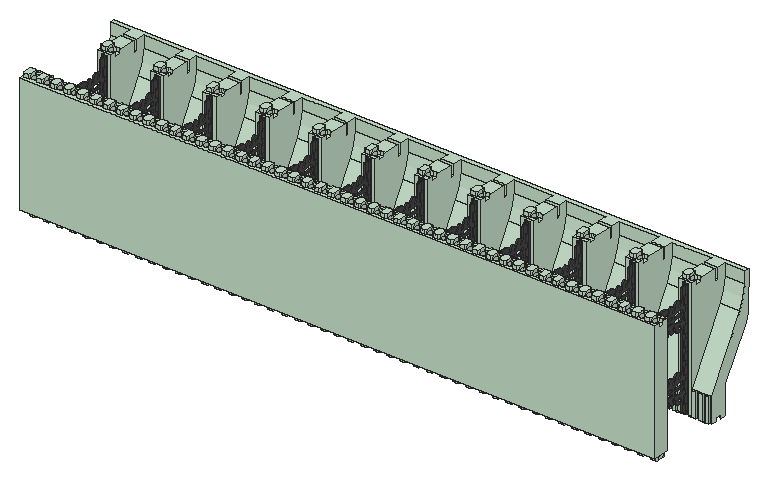
Revit family "ICF- NUDURA 8-inch- Brick Ledge Form Unit- Imperial", category Generic Models, Revit 2011 (continued)
Forms (in)
  Extrusion 166, solid, material "NUDURA Expanded Polystyrene Foam Insulation"
    sketch origin (0, 0, 0) x (0, 1, 0) y (0, 0, 1)
      loop
        line (9.425, 18) -> (8.125, 18) -> (8.125, 16.5)
        arc (8.125, 16.5) -> (7.875, 16.25) -> (7.625, 16.5) r 0.25
        line (7.625, 16.5) -> (7.625, 18) -> (3.25, 18) -> (3.25, 3.625) -> (8.425, 13)
        arc (8.425, 13) -> (9.05432, 14.58521) -> (9.425, 16.25) r 10.75
        line (9.425, 16.25) -> (9.425, 18)
    from 59 to 61
  Extrusion 167, solid, material "NUDURA Expanded Polystyrene Foam Insulation"
    sketch origin (0, 0, 0) x (0, 1, 0) y (0, 0, 1)
      loop
        line (9.425, 18) -> (8.125, 18) -> (8.125, 16.5)
        arc (8.125, 16.5) -> (7.875, 16.25) -> (7.625, 16.5) r 0.25
        line (7.625, 16.5) -> (7.625, 18) -> (3.25, 18) -> (3.25, 3.625) -> (8.425, 13)
        arc (8.425, 13) -> (9.05432, 14.58521) -> (9.425, 16.25) r 10.75
        line (9.425, 16.25) -> (9.425, 18)
    from 67 to 69
  Extrusion 168, solid, material "NUDURA Expanded Polystyrene Foam Insulation"
    sketch origin (0, 0, 0) x (0, 1, 0) y (0, 0, 1)
      loop
        line (9.425, 18) -> (8.125, 18) -> (8.125, 16.5)
        arc (8.125, 16.5) -> (7.875, 16.25) -> (7.625, 16.5) r 0.25
        line (7.625, 16.5) -> (7.625, 18) -> (3.25, 18) -> (3.25, 3.625) -> (8.425, 13)
        arc (8.425, 13) -> (9.05432, 14.58521) -> (9.425, 16.25) r 10.75
        line (9.425, 16.25) -> (9.425, 18)
    from 75 to 77
  Extrusion 169, solid, material "NUDURA Expanded Polystyrene Foam Insulation"
    sketch origin (0, 0, 0) x (0, 1, 0) y (0, 0, 1)
      loop
        line (9.425, 18) -> (8.125, 18) -> (8.125, 16.5)
        arc (8.125, 16.5) -> (7.875, 16.25) -> (7.625, 16.5) r 0.25
        line (7.625, 16.5) -> (7.625, 18) -> (3.25, 18) -> (3.25, 3.625) -> (8.425, 13)
        arc (8.425, 13) -> (9.05432, 14.58521) -> (9.425, 16.25) r 10.75
        line (9.425, 16.25) -> (9.425, 18)
    from 83 to 85
  Extrusion 170, solid, material "NUDURA Expanded Polystyrene Foam Insulation"
    sketch origin (0, 0, 0) x (0, 1, 0) y (0, 0, 1)
      loop
        line (9.425, 18) -> (8.125, 18) -> (8.125, 16.5)
        arc (8.125, 16.5) -> (7.875, 16.25) -> (7.625, 16.5) r 0.25
        line (7.625, 16.5) -> (7.625, 18) -> (3.25, 18) -> (3.25, 3.625) -> (8.425, 13)
        arc (8.425, 13) -> (9.05432, 14.58521) -> (9.425, 16.25) r 10.75
        line (9.425, 16.25) -> (9.425, 18)
    from 91 to 93
  Extrusion 171, solid, material "NUDURA Expanded Polystyrene Foam Insulation"
    sketch origin (0, 0, 0) x (1, 0, 0) y (0, 1, 0)
      loop
        line (95.21883, 3) -> (95.78117, 3) -> (95.71883, 3.25) -> (95.28117, 3.25) -> (95.21883, 3)
      loop
        line (94.21883, 3) -> (94.78117, 3) -> (94.71883, 3.25) -> (94.28117, 3.25) -> (94.21883, 3)
      loop
        line (93.21883, 3) -> (93.78117, 3) -> (93.71883, 3.25) -> (93.28117, 3.25) -> (93.21883, 3)
      loop
        line (90.21883, 3) -> (90.78117, 3) -> (90.71883, 3.25) -> (90.28117, 3.25) -> (90.21883, 3)
      loop
        line (89.21883, 3) -> (89.78117, 3) -> (89.71883, 3.25) -> (89.28117, 3.25) -> (89.21883, 3)
      loop
        line (88.21883, 3) -> (88.78117, 3) -> (88.71883, 3.25) -> (88.28117, 3.25) -> (88.21883, 3)
      loop
        line (87.21883, 3) -> (87.78117, 3) -> (87.71883, 3.25) -> (87.28117, 3.25) -> (87.21883, 3)
      loop
        line (86.21883, 3) -> (86.78117, 3) -> (86.71883, 3.25) -> (86.28117, 3.25) -> (86.21883, 3)
      loop
        line (85.21883, 3) -> (85.78117, 3) -> (85.71883, 3.25) -> (85.28117, 3.25) -> (85.21883, 3)
      loop
        line (82.21883, 3) -> (82.78117, 3) -> (82.71883, 3.25) -> (82.28117, 3.25) -> (82.21883, 3)
      loop
        line (81.21883, 3) -> (81.78117, 3) -> (81.71883, 3.25) -> (81.28117, 3.25) -> (81.21883, 3)
      loop
        line (80.21883, 3) -> (80.78117, 3) -> (80.71883, 3.25) -> (80.28117, 3.25) -> (80.21883, 3)
      loop
        line (79.21883, 3) -> (79.78117, 3) -> (79.71883, 3.25) -> (79.28117, 3.25) -> (79.21883, 3)
      loop
        line (78.21883, 3) -> (78.78117, 3) -> (78.71883, 3.25) -> (78.28117, 3.25) -> (78.21883, 3)
      loop
        line (77.21883, 3) -> (77.78117, 3) -> (77.71883, 3.25) -> (77.28117, 3.25) -> (77.21883, 3)
      loop
        line (74.21883, 3) -> (74.78117, 3) -> (74.71883, 3.25) -> (74.28117, 3.25) -> (74.21883, 3)
      loop
        line (73.21883, 3) -> (73.78117, 3) -> (73.71883, 3.25) -> (73.28117, 3.25) -> (73.21883, 3)
      loop
        line (72.21883, 3) -> (72.78117, 3) -> (72.71883, 3.25) -> (72.28117, 3.25) -> (72.21883, 3)
      loop
        line (71.21883, 3) -> (71.78117, 3) -> (71.71883, 3.25) -> (71.28117, 3.25) -> (71.21883, 3)
      loop
        line (70.21883, 3) -> (70.78117, 3) -> (70.71883, 3.25) -> (70.28117, 3.25) -> (70.21883, 3)
      loop
        line (69.21883, 3) -> (69.78117, 3) -> (69.71883, 3.25) -> (69.28117, 3.25) -> (69.21883, 3)
      loop
        line (66.21883, 3) -> (66.78117, 3) -> (66.71883, 3.25) -> (66.28117, 3.25) -> (66.21883, 3)
      loop
        line (65.21883, 3) -> (65.78117, 3) -> (65.71883, 3.25) -> (65.28117, 3.25) -> (65.21883, 3)
      loop
        line (64.21883, 3) -> (64.78117, 3) -> (64.71883, 3.25) -> (64.28117, 3.25) -> (64.21883, 3)
      loop
        line (63.21883, 3) -> (63.78117, 3) -> (63.71883, 3.25) -> (63.28117, 3.25) -> (63.21883, 3)
      loop
        line (62.21883, 3) -> (62.78117, 3) -> (62.71883, 3.25) -> (62.28117, 3.25) -> (62.21883, 3)
      loop
        line (61.21883, 3) -> (61.78117, 3) -> (61.71883, 3.25) -> (61.28117, 3.25) -> (61.21883, 3)
      loop
        line (58.21883, 3) -> (58.78117, 3) -> (58.71883, 3.25) -> (58.28117, 3.25) -> (58.21883, 3)
      loop
        line (57.21883, 3) -> (57.78117, 3) -> (57.71883, 3.25) -> (57.28117, 3.25) -> (57.21883, 3)
      loop
        line (56.21883, 3) -> (56.78117, 3) -> (56.71883, 3.25) -> (56.28117, 3.25) -> (56.21883, 3)
      loop
        line (55.21883, 3) -> (55.78117, 3) -> (55.71883, 3.25) -> (55.28117, 3.25) -> (55.21883, 3)
      loop
        line (54.21883, 3) -> (54.78117, 3) -> (54.71883, 3.25) -> (54.28117, 3.25) -> (54.21883, 3)
      loop
        line (53.21883, 3) -> (53.78117, 3) -> (53.71883, 3.25) -> (53.28117, 3.25) -> (53.21883, 3)
      loop
        line (50.21883, 3) -> (50.78117, 3) -> (50.71883, 3.25) -> (50.28117, 3.25) -> (50.21883, 3)
      loop
        line (49.21883, 3) -> (49.78117, 3) -> (49.71883, 3.25) -> (49.28117, 3.25) -> (49.21883, 3)
      loop
        line (48.21883, 3) -> (48.78117, 3) -> (48.71883, 3.25) -> (48.28117, 3.25) -> (48.21883, 3)
      loop
        line (47.21883, 3) -> (47.78117, 3) -> (47.71883, 3.25) -> (47.28117, 3.25) -> (47.21883, 3)
      loop
        line (46.21883, 3) -> (46.78117, 3) -> (46.71883, 3.25) -> (46.28117, 3.25) -> (46.21883, 3)
      loop
        line (45.21883, 3) -> (45.78117, 3) -> (45.71883, 3.25) -> (45.28117, 3.25) -> (45.21883, 3)
      loop
        line (42.21883, 3) -> (42.78117, 3) -> (42.71883, 3.25) -> (42.28117, 3.25) -> (42.21883, 3)
      loop
        line (41.21883, 3) -> (41.78117, 3) -> (41.71883, 3.25) -> (41.28117, 3.25) -> (41.21883, 3)
      loop
        line (40.21883, 3) -> (40.78117, 3) -> (40.71883, 3.25) -> (40.28117, 3.25) -> (40.21883, 3)
      loop
        line (39.21883, 3) -> (39.78117, 3) -> (39.71883, 3.25) -> (39.28117, 3.25) -> (39.21883, 3)
      loop
        line (38.21883, 3) -> (38.78117, 3) -> (38.71883, 3.25) -> (38.28117, 3.25) -> (38.21883, 3)
      loop
        line (37.21883, 3) -> (37.78117, 3) -> (37.71883, 3.25) -> (37.28117, 3.25) -> (37.21883, 3)
      loop
        line (34.21883, 3) -> (34.78117, 3) -> (34.71883, 3.25) -> (34.28117, 3.25) -> (34.21883, 3)
      loop
        line (33.21883, 3) -> (33.78117, 3) -> (33.71883, 3.25) -> (33.28117, 3.25) -> (33.21883, 3)
      loop
        line (32.21883, 3) -> (32.78117, 3) -> (32.71883, 3.25) -> (32.28117, 3.25) -> (32.21883, 3)
      loop
        line (31.21883, 3) -> (31.78117, 3) -> (31.71883, 3.25) -> (31.28117, 3.25) -> (31.21883, 3)
      loop
        line (30.21883, 3) -> (30.78117, 3) -> (30.71883, 3.25) -> (30.28117, 3.25) -> (30.21883, 3)
      loop
        line (29.21883, 3) -> (29.78117, 3) -> (29.71883, 3.25) -> (29.28117, 3.25) -> (29.21883, 3)
      loop
        line (26.21883, 3) -> (26.78117, 3) -> (26.71883, 3.25) -> (26.28117, 3.25) -> (26.21883, 3)
      loop
        line (25.21883, 3) -> (25.78117, 3) -> (25.71883, 3.25) -> (25.28117, 3.25) -> (25.21883, 3)
      loop
        line (24.21883, 3) -> (24.78117, 3) -> (24.71883, 3.25) -> (24.28117, 3.25) -> (24.21883, 3)
      loop
        line (23.21883, 3) -> (23.78117, 3) -> (23.71883, 3.25) -> (23.28117, 3.25) -> (23.21883, 3)
      loop
        line (22.21883, 3) -> (22.78117, 3) -> (22.71883, 3.25) -> (22.28117, 3.25) -> (22.21883, 3)
      loop
        line (21.21883, 3) -> (21.78117, 3) -> (21.71883, 3.25) -> (21.28117, 3.25) -> (21.21883, 3)
      loop
        line (18.21883, 3) -> (18.78117, 3) -> (18.71883, 3.25) -> (18.28117, 3.25) -> (18.21883, 3)
      loop
        line (17.21883, 3) -> (17.78117, 3) -> (17.71883, 3.25) -> (17.28117, 3.25) -> (17.21883, 3)
      loop
        line (16.21883, 3) -> (16.78117, 3) -> (16.71883, 3.25) -> (16.28117, 3.25) -> (16.21883, 3)
      loop
        line (15.21883, 3) -> (15.78117, 3) -> (15.71883, 3.25) -> (15.28117, 3.25) -> (15.21883, 3)
      loop
        line (14.21883, 3) -> (14.78117, 3) -> (14.71883, 3.25) -> (14.28117, 3.25) -> (14.21883, 3)
      loop
        line (13.21883, 3) -> (13.78117, 3) -> (13.71883, 3.25) -> (13.28117, 3.25) -> (13.21883, 3)
      loop
        line (10.21883, 3) -> (10.78117, 3) -> (10.71883, 3.25) -> (10.28117, 3.25) -> (10.21883, 3)
      loop
        line (9.21883, 3) -> (9.78117, 3) -> (9.71883, 3.25) -> (9.28117, 3.25) -> (9.21883, 3)
      loop
        line (8.21883, 3) -> (8.78117, 3) -> (8.71883, 3.25) -> (8.28117, 3.25) -> (8.21883, 3)
      loop
        line (7.21883, 3) -> (7.78117, 3) -> (7.71883, 3.25) -> (7.28117, 3.25) -> (7.21883, 3)
      loop
        line (6.21883, 3) -> (6.78117, 3) -> (6.71883, 3.25) -> (6.28117, 3.25) -> (6.21883, 3)
      loop
        line (5.21883, 3) -> (5.78117, 3) -> (5.71883, 3.25) -> (5.28117, 3.25) -> (5.21883, 3)
      loop
        line (2.21883, 3) -> (2.78117, 3) -> (2.71883, 3.25) -> (2.28117, 3.25) -> (2.21883, 3)
      loop
        line (1.21883, 3) -> (1.78117, 3) -> (1.71883, 3.25) -> (1.28117, 3.25) -> (1.21883, 3)
      loop
        line (0.21883, 3) -> (0.78117, 3) -> (0.71883, 3.25) -> (0.28117, 3.25) -> (0.21883, 3)
    from 0 to 3.625
Cuts and joins
  Extrusion 2, Extrusion 3, Extrusion 4, Extrusion 5, Extrusion 6, Extrusion 7, Extrusion 8, Extrusion 9, Extrusion 10, Extrusion 11, Extrusion 12, Extrusion 13, Extrusion 14, Extrusion 15, Extrusion 16, Extrusion 17, Extrusion 18, Extrusion 19, Extrusion 20, Extrusion 21, Extrusion 22, Extrusion 23, Extrusion 24, Extrusion 25, Extrusion 26, Extrusion 27, Extrusion 28, Extrusion 29, Extrusion 30, Extrusion 31, Extrusion 32, Extrusion 33, Extrusion 34, Extrusion 35, Extrusion 36, Extrusion 37, Extrusion 38, Extrusion 39, Extrusion 40, Extrusion 41, Extrusion 42, Extrusion 43, Extrusion 44, Extrusion 45, Extrusion 46, Extrusion 47, Extrusion 48, Extrusion 49, Extrusion 50, Extrusion 51, Extrusion 52, Extrusion 53, Extrusion 54, Extrusion 55, Extrusion 56, Extrusion 57, Extrusion 58, Extrusion 59, Extrusion 60, Extrusion 61, Extrusion 62, Extrusion 63, Extrusion 64, Extrusion 65, Extrusion 66, Extrusion 67, Extrusion 68, Extrusion 69, Extrusion 70, Extrusion 71, Extrusion 72, Extrusion 73, Extrusion 74, Extrusion 75, Extrusion 76, Extrusion 77, Extrusion 78, Extrusion 79, Extrusion 80, Extrusion 81, Extrusion 82, Extrusion 83, Extrusion 84, Extrusion 85, Extrusion 86, Extrusion 87, Extrusion 88, Extrusion 89, Extrusion 90, Extrusion 91, Extrusion 92, Extrusion 93, Extrusion 94, Extrusion 95, Extrusion 96, Extrusion 97, Extrusion 98, Extrusion 99, Extrusion 100, Extrusion 101, Extrusion 102, Extrusion 103, Extrusion 104, Extrusion 105, Extrusion 106, Extrusion 107, Extrusion 108, Extrusion 109, Extrusion 110, Extrusion 111, Extrusion 112, Extrusion 113, Extrusion 114, Extrusion 115, Extrusion 116, Extrusion 117, Extrusion 118, Extrusion 119, Extrusion 120, Extrusion 121, Extrusion 122, Extrusion 123, Extrusion 124, Extrusion 125, Extrusion 126, Extrusion 127, Extrusion 128, Extrusion 129, Extrusion 130, Extrusion 131, Extrusion 132, Extrusion 133, Extrusion 134, Extrusion 135, Extrusion 136, Extrusion 137, Extrusion 138, Extrusion 139, Extrusion 140, Extrusion 141, Extrusion 142, Extrusion 143, Extrusion 144, Extrusion 145, Extrusion 146, Extrusion 147, Extrusion 148, Extrusion 149, Extrusion 150, Extrusion 151, Extrusion 152, Extrusion 153, Extrusion 154, Extrusion 155, Extrusion 156, Extrusion 157 cuts Extrusion 1
  Extrusion 110, Extrusion 111, Extrusion 112, Extrusion 113, Extrusion 114, Extrusion 115, Extrusion 116, Extrusion 117, Extrusion 118, Extrusion 119, Extrusion 120, Extrusion 121, Extrusion 122, Extrusion 123, Extrusion 124, Extrusion 125, Extrusion 126, Extrusion 127, Extrusion 128, Extrusion 129, Extrusion 130, Extrusion 131, Extrusion 132, Extrusion 133, Extrusion 134, Extrusion 135, Extrusion 136, Extrusion 137, Extrusion 138, Extrusion 139, Extrusion 140, Extrusion 141, Extrusion 142, Extrusion 143, Extrusion 144, Extrusion 145, Extrusion 146, Extrusion 147, Extrusion 148, Extrusion 149, Extrusion 150, Extrusion 151, Extrusion 152, Extrusion 153, Extrusion 154, Extrusion 155, Extrusion 156, Extrusion 157 cuts Extrusion 158
  Extrusion 61 cuts Extrusion 159
  Extrusion 60 cuts Extrusion 160
  Extrusion 59 cuts Extrusion 161
  Extrusion 58 cuts Extrusion 162
  Extrusion 57 cuts Extrusion 163
  Extrusion 56 cuts Extrusion 164
  Extrusion 55 cuts Extrusion 165
  Extrusion 54 cuts Extrusion 166
  Extrusion 53 cuts Extrusion 167
  Extrusion 52 cuts Extrusion 168
  Extrusion 51 cuts Extrusion 169
  Extrusion 50 cuts Extrusion 170
  joined: Extrusion 158, Extrusion 159, Extrusion 160, Extrusion 161, Extrusion 162, Extrusion 163, Extrusion 164, Extrusion 165, Extrusion 166, Extrusion 167, Extrusion 168, Extrusion 169, Extrusion 170, Extrusion 171
Lines and regions (in)
  model lines
    curve 1: line (8, -7.625, 18) -> (8, -7.625, 0)
Dimensions and locks (in)
  locked: plane 3 "Center (Left/Right)" to plane 4 at 96
  locked: plane 6 to plane 5 at 8
  locked: plane 5 to plane 7 at 2.625
  locked: plane 8 to plane 6 at 2.625
  locked: plane 9 to level at 18
  locked: plane 4 to plane 3 "Center (Left/Right)" at 96
  locked: plane 9 to plane 10 at 0.5
  locked: plane 11 to level at 0.5
  aligned and locked: plane 9 to Extrusion 1
  aligned and locked: Extrusion 1 to plane 3 "Center (Left/Right)"
  aligned and locked: plane 4 to Extrusion 1
  aligned and locked: level to Extrusion 1
  aligned and locked: nested 1 to plane 8
  aligned and locked: nested 116 to cut or joined group 1 (Extrusion 1, Extrusion 2, Extrusion 3, Extrusion 4, Extrusion 5, Extrusion 6, Extrusion 7, Extrusion 8, Extrusion 9, Extrusion 10, Extrusion 11, Extrusion 12, Extrusion 13, Extrusion 14, Extrusion 15, Extrusion 16, Extrusion 17, Extrusion 18, Extrusion 19, Extrusion 20, Extrusion 21, Extrusion 22, Extrusion 23, Extrusion 24, Extrusion 25, Extrusion 26, Extrusion 27, Extrusion 28, Extrusion 29, Extrusion 30, Extrusion 31, Extrusion 32, Extrusion 33, Extrusion 34, Extrusion 35, Extrusion 36, Extrusion 37, Extrusion 38, Extrusion 39, Extrusion 40, Extrusion 41, Extrusion 42, Extrusion 43, Extrusion 44, Extrusion 45, Extrusion 46, Extrusion 47, Extrusion 48, Extrusion 49, Extrusion 50, Extrusion 51, Extrusion 52, Extrusion 53, Extrusion 54, Extrusion 55, Extrusion 56, Extrusion 57, Extrusion 58, Extrusion 59, Extrusion 60, Extrusion 61, Extrusion 62, Extrusion 63, Extrusion 64, Extrusion 65, Extrusion 66, Extrusion 67, Extrusion 68, Extrusion 69, Extrusion 70, Extrusion 71, Extrusion 72, Extrusion 73, Extrusion 74, Extrusion 75, Extrusion 76, Extrusion 77, Extrusion 78, Extrusion 79, Extrusion 80, Extrusion 81, Extrusion 82, Extrusion 83, Extrusion 84, Extrusion 85, Extrusion 86, Extrusion 87, Extrusion 88, Extrusion 89, Extrusion 90, Extrusion 91, Extrusion 92, Extrusion 93, Extrusion 94, Extrusion 95, Extrusion 96, Extrusion 97, Extrusion 98, Extrusion 99, Extrusion 100, Extrusion 101, Extrusion 102, Extrusion 103, Extrusion 104, Extrusion 105, Extrusion 106, Extrusion 107, Extrusion 108, Extrusion 109, Extrusion 110, Extrusion 111, Extrusion 112, Extrusion 113, Extrusion 114, Extrusion 115, Extrusion 116, Extrusion 117, Extrusion 118, Extrusion 119, Extrusion 120, Extrusion 121, Extrusion 122, Extrusion 123, Extrusion 124, Extrusion 125, Extrusion 126, Extrusion 127, Extrusion 128, Extrusion 129, Extrusion 130, Extrusion 131, Extrusion 132, Extrusion 133, Extrusion 134, Extrusion 135, Extrusion 136, Extrusion 137, Extrusion 138, Extrusion 139, Extrusion 140, Extrusion 141, Extrusion 142, Extrusion 143, Extrusion 144, Extrusion 145, Extrusion 146, Extrusion 147, Extrusion 148, Extrusion 149, Extrusion 150, Extrusion 151, Extrusion 152, Extrusion 153, Extrusion 154, Extrusion 155, Extrusion 156, Extrusion 157)
  aligned and locked: cut or joined group 1 to cut or joined group 2 (Extrusion 50, Extrusion 51, Extrusion 52, Extrusion 53, Extrusion 54, Extrusion 55, Extrusion 56, Extrusion 57, Extrusion 58, Extrusion 59, Extrusion 60, Extrusion 61, Extrusion 110, Extrusion 111, Extrusion 112, Extrusion 113, Extrusion 114, Extrusion 115, Extrusion 116, Extrusion 117, Extrusion 118, Extrusion 119, Extrusion 120, Extrusion 121, Extrusion 122, Extrusion 123, Extrusion 124, Extrusion 125, Extrusion 126, Extrusion 127, Extrusion 128, Extrusion 129, Extrusion 130, Extrusion 131, Extrusion 132, Extrusion 133, Extrusion 134, Extrusion 135, Extrusion 136, Extrusion 137, Extrusion 138, Extrusion 139, Extrusion 140, Extrusion 141, Extrusion 142, Extrusion 143, Extrusion 144, Extrusion 145, Extrusion 146, Extrusion 147, Extrusion 148, Extrusion 149, Extrusion 150, Extrusion 151, Extrusion 152, Extrusion 153, Extrusion 154, Extrusion 155, Extrusion 156, Extrusion 157, Extrusion 158, Extrusion 159, Extrusion 160, Extrusion 161, Extrusion 162, Extrusion 163, Extrusion 164, Extrusion 165, Extrusion 166, Extrusion 167, Extrusion 168, Extrusion 169, Extrusion 170, Extrusion 171)
  aligned and locked: cut or joined group 2 to nested 170
  aligned and locked: cut or joined group 2 to nested 171
  aligned and locked: cut or joined group 1 to nested 168
  aligned and locked: cut or joined group 1 to nested 167
  aligned and locked: cut or joined group 1 to nested 166
Nested families (in)
  nested 1: "NUDURA Diamond Pattern" at (0, -2, 0), type "NUDURA Diamond Pattern"
  nested 2: "NUDURA Diamond Pattern" at (16, -2, 0), type "NUDURA Diamond Pattern"
  nested 3: "NUDURA Diamond Pattern" at (24, -2, 0), type "NUDURA Diamond Pattern"
  nested 4: "NUDURA Diamond Pattern" at (40, -2, 0), type "NUDURA Diamond Pattern"
  nested 5: "NUDURA Diamond Pattern" at (48, -2, 0), type "NUDURA Diamond Pattern"
  nested 6: "NUDURA Diamond Pattern" at (64, -2, 0), type "NUDURA Diamond Pattern"
  nested 7: "NUDURA Diamond Pattern" at (72, -2, 0), type "NUDURA Diamond Pattern"
  nested 8: "NUDURA Diamond Pattern" at (88, -2, 0), type "NUDURA Diamond Pattern"
  nested 9: "Interlock Tooth" at (0, -2, 0), type "Interlock Tooth"
  nested 10: "Interlock Tooth" at (2, -2, 0), type "Interlock Tooth"
  nested 11: "Interlock Tooth" at (4, -2, 0), type "Interlock Tooth"
  nested 12: "Interlock Tooth" at (6, -2, 0), type "Interlock Tooth"
  nested 13: "Interlock Tooth" at (8, -2, 0), type "Interlock Tooth"
  nested 14: "Interlock Tooth" at (10, -2, 0), type "Interlock Tooth"
  nested 15: "Interlock Tooth" at (12, -2, 0), type "Interlock Tooth"
  nested 16: "Interlock Tooth" at (14, -2, 0), type "Interlock Tooth"
  nested 17: "Interlock Tooth" at (16, -2, 0), type "Interlock Tooth"
  nested 18: "Interlock Tooth" at (18, -2, 0), type "Interlock Tooth"
  nested 19: "Interlock Tooth" at (20, -2, 0), type "Interlock Tooth"
  nested 20: "Interlock Tooth" at (22, -2, 0), type "Interlock Tooth"
  nested 21: "Interlock Tooth" at (24, -2, 0), type "Interlock Tooth"
  nested 22: "Interlock Tooth" at (26, -2, 0), type "Interlock Tooth"
  nested 23: "Interlock Tooth" at (28, -2, 0), type "Interlock Tooth"
  nested 24: "Interlock Tooth" at (30, -2, 0), type "Interlock Tooth"
  nested 25: "Interlock Tooth" at (32, -2, 0), type "Interlock Tooth"
  nested 26: "Interlock Tooth" at (34, -2, 0), type "Interlock Tooth"
  nested 27: "Interlock Tooth" at (36, -2, 0), type "Interlock Tooth"
  nested 28: "Interlock Tooth" at (38, -2, 0), type "Interlock Tooth"
  nested 29: "Interlock Tooth" at (40, -2, 0), type "Interlock Tooth"
  nested 30: "Interlock Tooth" at (42, -2, 0), type "Interlock Tooth"
  nested 31: "Interlock Tooth" at (44, -2, 0), type "Interlock Tooth"
  nested 32: "Interlock Tooth" at (46, -2, 0), type "Interlock Tooth"
  nested 33: "Interlock Tooth" at (48, -2, 0), type "Interlock Tooth"
  nested 34: "Interlock Tooth" at (50, -2, 0), type "Interlock Tooth"
  nested 35: "Interlock Tooth" at (52, -2, 0), type "Interlock Tooth"
  nested 36: "Interlock Tooth" at (54, -2, 0), type "Interlock Tooth"
  nested 37: "Interlock Tooth" at (56, -2, 0), type "Interlock Tooth"
  nested 38: "Interlock Tooth" at (58, -2, 0), type "Interlock Tooth"
  nested 39: "Interlock Tooth" at (60, -2, 0), type "Interlock Tooth"
  nested 40: "Interlock Tooth" at (62, -2, 0), type "Interlock Tooth"
  nested 41: "Interlock Tooth" at (64, -2, 0), type "Interlock Tooth"
  nested 42: "Interlock Tooth" at (66, -2, 0), type "Interlock Tooth"
  nested 43: "Interlock Tooth" at (68, -2, 0), type "Interlock Tooth"
  nested 44: "Interlock Tooth" at (70, -2, 0), type "Interlock Tooth"
  nested 45: "Interlock Tooth" at (72, -2, 0), type "Interlock Tooth"
  nested 46: "Interlock Tooth" at (74, -2, 0), type "Interlock Tooth"
  nested 47: "Interlock Tooth" at (76, -2, 0), type "Interlock Tooth"
  nested 48: "Interlock Tooth" at (78, -2, 0), type "Interlock Tooth"
  nested 49: "Interlock Tooth" at (80, -2, 0), type "Interlock Tooth"
  nested 50: "Interlock Tooth" at (82, -2, 0), type "Interlock Tooth"
  nested 51: "Interlock Tooth" at (84, -2, 0), type "Interlock Tooth"
  nested 52: "Interlock Tooth" at (86, -2, 0), type "Interlock Tooth"
  nested 53: "Interlock Tooth" at (88, -2, 0), type "Interlock Tooth"
  nested 54: "Interlock Tooth" at (90, -2, 0), type "Interlock Tooth"
  nested 55: "Interlock Tooth" at (92, -2, 0), type "Interlock Tooth"
  nested 56: "Interlock Tooth" at (94, -2, 0), type "Interlock Tooth"
  nested 57: "Interlock Tooth" at (3, 8.875, 0), type "Interlock Tooth"
  nested 58: "Interlock Tooth" at (11, 8.875, 0), type "Interlock Tooth"
  nested 59: "Interlock Tooth" at (19, 8.875, 0), type "Interlock Tooth"
  nested 60: "Interlock Tooth" at (27, 8.875, 0), type "Interlock Tooth"
  nested 61: "Interlock Tooth" at (35, 8.875, 0), type "Interlock Tooth"
  nested 62: "Interlock Tooth" at (43, 8.875, 0), type "Interlock Tooth"
  nested 63: "Interlock Tooth" at (51, 8.875, 0), type "Interlock Tooth"
  nested 64: "Interlock Tooth" at (59, 8.875, 0), type "Interlock Tooth"
  nested 65: "Interlock Tooth" at (67, 8.875, 0), type "Interlock Tooth"
  nested 66: "Interlock Tooth" at (75, 8.875, 0), type "Interlock Tooth"
  nested 67: "Interlock Tooth" at (83, 8.875, 0), type "Interlock Tooth"
  nested 68: "Interlock Tooth" at (91, 8.875, 0), type "Interlock Tooth"
  nested 69: "Interlock Tooth" at (1, -10.875, -18.5), type "Interlock Tooth"
  nested 70: "Interlock Tooth" at (3, -10.875, -18.5), type "Interlock Tooth"
  nested 71: "Interlock Tooth" at (5, -10.875, -18.5), type "Interlock Tooth"
  nested 72: "Interlock Tooth" at (7, -10.875, -18.5), type "Interlock Tooth"
  nested 73: "Interlock Tooth" at (9, -10.875, -18.5), type "Interlock Tooth"
  nested 74: "Interlock Tooth" at (11, -10.875, -18.5), type "Interlock Tooth"
  nested 75: "Interlock Tooth" at (13, -10.875, -18.5), type "Interlock Tooth"
  nested 76: "Interlock Tooth" at (15, -10.875, -18.5), type "Interlock Tooth"
  nested 77: "Interlock Tooth" at (17, -10.875, -18.5), type "Interlock Tooth"
  nested 78: "Interlock Tooth" at (19, -10.875, -18.5), type "Interlock Tooth"
  nested 79: "Interlock Tooth" at (21, -10.875, -18.5), type "Interlock Tooth"
  nested 80: "Interlock Tooth" at (23, -10.875, -18.5), type "Interlock Tooth"
  nested 81: "Interlock Tooth" at (25, -10.875, -18.5), type "Interlock Tooth"
  nested 82: "Interlock Tooth" at (27, -10.875, -18.5), type "Interlock Tooth"
  nested 83: "Interlock Tooth" at (29, -10.875, -18.5), type "Interlock Tooth"
  nested 84: "Interlock Tooth" at (31, -10.875, -18.5), type "Interlock Tooth"
  nested 85: "Interlock Tooth" at (33, -10.875, -18.5), type "Interlock Tooth"
  nested 86: "Interlock Tooth" at (35, -10.875, -18.5), type "Interlock Tooth"
  nested 87: "Interlock Tooth" at (37, -10.875, -18.5), type "Interlock Tooth"
  nested 88: "Interlock Tooth" at (39, -10.875, -18.5), type "Interlock Tooth"
  nested 89: "Interlock Tooth" at (41, -10.875, -18.5), type "Interlock Tooth"
  nested 90: "Interlock Tooth" at (43, -10.875, -18.5), type "Interlock Tooth"
  nested 91: "Interlock Tooth" at (45, -10.875, -18.5), type "Interlock Tooth"
  nested 92: "Interlock Tooth" at (47, -10.875, -18.5), type "Interlock Tooth"
  nested 93: "Interlock Tooth" at (49, -10.875, -18.5), type "Interlock Tooth"
  nested 94: "Interlock Tooth" at (51, -10.875, -18.5), type "Interlock Tooth"
  nested 95: "Interlock Tooth" at (53, -10.875, -18.5), type "Interlock Tooth"
  nested 96: "Interlock Tooth" at (55, -10.875, -18.5), type "Interlock Tooth"
  nested 97: "Interlock Tooth" at (57, -10.875, -18.5), type "Interlock Tooth"
  nested 98: "Interlock Tooth" at (59, -10.875, -18.5), type "Interlock Tooth"
  nested 99: "Interlock Tooth" at (61, -10.875, -18.5), type "Interlock Tooth"
  nested 100: "Interlock Tooth" at (63, -10.875, -18.5), type "Interlock Tooth"
  nested 101: "Interlock Tooth" at (65, -10.875, -18.5), type "Interlock Tooth"
  nested 102: "Interlock Tooth" at (67, -10.875, -18.5), type "Interlock Tooth"
  nested 103: "Interlock Tooth" at (69, -10.875, -18.5), type "Interlock Tooth"
  nested 104: "Interlock Tooth" at (71, -10.875, -18.5), type "Interlock Tooth"
  nested 105: "Interlock Tooth" at (73, -10.875, -18.5), type "Interlock Tooth"
  nested 106: "Interlock Tooth" at (75, -10.875, -18.5), type "Interlock Tooth"
  nested 107: "Interlock Tooth" at (77, -10.875, -18.5), type "Interlock Tooth"
  nested 108: "Interlock Tooth" at (79, -10.875, -18.5), type "Interlock Tooth"
  nested 109: "Interlock Tooth" at (81, -10.875, -18.5), type "Interlock Tooth"
  nested 110: "Interlock Tooth" at (83, -10.875, -18.5), type "Interlock Tooth"
  nested 111: "Interlock Tooth" at (85, -10.875, -18.5), type "Interlock Tooth"
  nested 112: "Interlock Tooth" at (87, -10.875, -18.5), type "Interlock Tooth"
  nested 113: "Interlock Tooth" at (89, -10.875, -18.5), type "Interlock Tooth"
  nested 114: "Interlock Tooth" at (91, -10.875, -18.5), type "Interlock Tooth"
  nested 115: "Interlock Tooth" at (93, -10.875, -18.5), type "Interlock Tooth"
  nested 116: "Interlock Tooth" at (95, -10.875, -18.5), type "Interlock Tooth"
  nested 117: "Interlock Tooth" at (0, 0, -18.5), type "Interlock Tooth"
  nested 118: "Interlock Tooth" at (2, 0, -18.5), type "Interlock Tooth"
  nested 119: "Interlock Tooth" at (4, 0, -18.5), type "Interlock Tooth"
  nested 120: "Interlock Tooth" at (6, 0, -18.5), type "Interlock Tooth"
  nested 121: "Interlock Tooth" at (8, 0, -18.5), type "Interlock Tooth"
  nested 122: "Interlock Tooth" at (10, 0, -18.5), type "Interlock Tooth"
  nested 123: "Interlock Tooth" at (12, 0, -18.5), type "Interlock Tooth"
  nested 124: "Interlock Tooth" at (14, 0, -18.5), type "Interlock Tooth"
  nested 125: "Interlock Tooth" at (16, 0, -18.5), type "Interlock Tooth"
  nested 126: "Interlock Tooth" at (18, 0, -18.5), type "Interlock Tooth"
  nested 127: "Interlock Tooth" at (20, 0, -18.5), type "Interlock Tooth"
  nested 128: "Interlock Tooth" at (22, 0, -18.5), type "Interlock Tooth"
  nested 129: "Interlock Tooth" at (24, 0, -18.5), type "Interlock Tooth"
  nested 130: "Interlock Tooth" at (26, 0, -18.5), type "Interlock Tooth"
  nested 131: "Interlock Tooth" at (28, 0, -18.5), type "Interlock Tooth"
  nested 132: "Interlock Tooth" at (30, 0, -18.5), type "Interlock Tooth"
  nested 133: "Interlock Tooth" at (32, 0, -18.5), type "Interlock Tooth"
  nested 134: "Interlock Tooth" at (34, 0, -18.5), type "Interlock Tooth"
  nested 135: "Interlock Tooth" at (36, 0, -18.5), type "Interlock Tooth"
  nested 136: "Interlock Tooth" at (38, 0, -18.5), type "Interlock Tooth"
  nested 137: "Interlock Tooth" at (40, 0, -18.5), type "Interlock Tooth"
  nested 138: "Interlock Tooth" at (42, 0, -18.5), type "Interlock Tooth"
  nested 139: "Interlock Tooth" at (44, 0, -18.5), type "Interlock Tooth"
  nested 140: "Interlock Tooth" at (46, 0, -18.5), type "Interlock Tooth"
  nested 141: "Interlock Tooth" at (48, 0, -18.5), type "Interlock Tooth"
  nested 142: "Interlock Tooth" at (50, 0, -18.5), type "Interlock Tooth"
  nested 143: "Interlock Tooth" at (52, 0, -18.5), type "Interlock Tooth"
  nested 144: "Interlock Tooth" at (54, 0, -18.5), type "Interlock Tooth"
  nested 145: "Interlock Tooth" at (56, 0, -18.5), type "Interlock Tooth"
  nested 146: "Interlock Tooth" at (58, 0, -18.5), type "Interlock Tooth"
  nested 147: "Interlock Tooth" at (60, 0, -18.5), type "Interlock Tooth"
  nested 148: "Interlock Tooth" at (62, 0, -18.5), type "Interlock Tooth"
  nested 149: "Interlock Tooth" at (64, 0, -18.5), type "Interlock Tooth"
  nested 150: "Interlock Tooth" at (66, 0, -18.5), type "Interlock Tooth"
  nested 151: "Interlock Tooth" at (68, 0, -18.5), type "Interlock Tooth"
  nested 152: "Interlock Tooth" at (70, 0, -18.5), type "Interlock Tooth"
  nested 153: "Interlock Tooth" at (72, 0, -18.5), type "Interlock Tooth"
  nested 154: "Interlock Tooth" at (74, 0, -18.5), type "Interlock Tooth"
  nested 155: "Interlock Tooth" at (76, 0, -18.5), type "Interlock Tooth"
  nested 156: "Interlock Tooth" at (78, 0, -18.5), type "Interlock Tooth"
  nested 157: "Interlock Tooth" at (80, 0, -18.5), type "Interlock Tooth"
  nested 158: "Interlock Tooth" at (82, 0, -18.5), type "Interlock Tooth"
  nested 159: "Interlock Tooth" at (84, 0, -18.5), type "Interlock Tooth"
  nested 160: "Interlock Tooth" at (86, 0, -18.5), type "Interlock Tooth"
  nested 161: "Interlock Tooth" at (88, 0, -18.5), type "Interlock Tooth"
  nested 162: "Interlock Tooth" at (90, 0, -18.5), type "Interlock Tooth"
  nested 163: "Interlock Tooth" at (92, 0, -18.5), type "Interlock Tooth"
  nested 164: "Interlock Tooth" at (94, 0, -18.5), type "Interlock Tooth"
  nested 165: "NUDURA Logo Diamond" at (0, -7.625, 0), type "NUDURA Logo Diamond"
  nested 166: "NUDURA Logo Diamond" at (24, -7.625, 0), type "NUDURA Logo Diamond"
  nested 167: "NUDURA Logo Diamond" at (48, -7.625, 0), type "NUDURA Logo Diamond"
  nested 168: "NUDURA Logo Diamond" at (72, -7.625, 0), type "NUDURA Logo Diamond"
  nested 169: "NUDURA Brick Ledge Diamond Pattern" at (88, 11.25, 0), type "NUDURA Brick Ledge Diamond Pattern"
  nested 170: "NUDURA Brick Ledge Diamond Pattern" at (80, 11.25, 0), type "NUDURA Brick Ledge Diamond Pattern"
  nested 171: "NUDURA Brick Ledge Diamond Pattern" at (72, 11.25, 0), type "NUDURA Brick Ledge Diamond Pattern"
  nested 172: "NUDURA Brick Ledge Diamond Pattern" at (64, 11.25, 0), type "NUDURA Brick Ledge Diamond Pattern"
  nested 173: "NUDURA Brick Ledge Diamond Pattern" at (56, 11.25, 0), type "NUDURA Brick Ledge Diamond Pattern"
  nested 174: "NUDURA Brick Ledge Diamond Pattern" at (48, 11.25, 0), type "NUDURA Brick Ledge Diamond Pattern"
  nested 175: "NUDURA Brick Ledge Diamond Pattern" at (40, 11.25, 0), type "NUDURA Brick Ledge Diamond Pattern"
  nested 176: "NUDURA Brick Ledge Diamond Pattern" at (32, 11.25, 0), type "NUDURA Brick Ledge Diamond Pattern"
  nested 177: "NUDURA Brick Ledge Diamond Pattern" at (24, 11.25, 0), type "NUDURA Brick Ledge Diamond Pattern"
  nested 178: "NUDURA Brick Ledge Diamond Pattern" at (16, 11.25, 0), type "NUDURA Brick Ledge Diamond Pattern"
  nested 179: "NUDURA Brick Ledge Diamond Pattern" at (8, 11.25, 0), type "NUDURA Brick Ledge Diamond Pattern"
  nested 180: "NUDURA Brick Ledge Diamond Pattern" at (0, 11.25, 0), type "NUDURA Brick Ledge Diamond Pattern"
  nested 181: "8-inch Insert Web" at (4, -1, 0), type "8-inch Insert Web"
  nested 182: "8-inch Insert Web" at (12, -1, 0), type "8-inch Insert Web"
  nested 183: "8-inch Insert Web" at (20, -1, 0), type "8-inch Insert Web"
  nested 184: "8-inch Insert Web" at (28, -1, 0), type "8-inch Insert Web"
  nested 185: "8-inch Insert Web" at (36, -1, 0), type "8-inch Insert Web"
  nested 186: "8-inch Insert Web" at (44, -1, 0), type "8-inch Insert Web"
  nested 187: "8-inch Insert Web" at (52, -1, 0), type "8-inch Insert Web"
  nested 188: "8-inch Insert Web" at (60, -1, 0), type "8-inch Insert Web"
  nested 189: "8-inch Insert Web" at (68, -1, 0), type "8-inch Insert Web"
  nested 190: "8-inch Insert Web" at (76, -1, 0), type "8-inch Insert Web"
  nested 191: "8-inch Insert Web" at (84, -1, 0), type "8-inch Insert Web"
  nested 192: "8-inch Insert Web" at (92, -1, 0), type "8-inch Insert Web"
Definition of nested family "Interlock Tooth"
  Reference planes (in)
    plane 1 "Center (Front/Back)": y = 0
    plane 2: z = 0
    plane 3 "Center (Left/Right)": x = 0
    plane 4: z = 18
    plane 5: z = 18.5
    plane 6: z = -0.5
  Forms (in)
    Extrusion 1, solid, material "NUDURA Expanded Polystyrene Foam Insulation"
      sketch origin (0, -8.875, 0) x (1, 0, 0) y (0, 1, 0)
        loop
          arc (0, 3.97692) -> (0.04785, 3.82983) -> (0.17308, 3.73905) r 0.25
          arc (0.17308, 3.73905) -> (0.5, 3.6875) -> (0.82692, 3.73905) r 1.0625
          arc (0.82692, 3.73905) -> (0.95215, 3.82983) -> (1, 3.97692) r 0.25
          line (1, 3.97692) -> (1, 4.89808)
          arc (1, 4.89808) -> (0.95215, 5.04517) -> (0.82692, 5.13595) r 0.25
          arc (0.82692, 5.13595) -> (0.5, 5.1875) -> (0.17308, 5.13595) r 1.0625
          arc (0.17308, 5.13595) -> (0.04785, 5.04517) -> (0, 4.89808) r 0.25
          line (0, 4.89808) -> (0, 3.97692)
      from 18 to 18.5
  Dimensions and locks (in)
    locked: plane 4 to level at 18
    locked: plane 4 to plane 5 at 0.5
    locked: plane 6 to level at 0.5
Definition of nested family "8-inch Insert Web"
  Reference planes (in)
    plane 1 "Center (Front/Back)": y = 0
    plane 2: z = 0
    plane 3 "Center (Left/Right)": x = 0
  Forms (in)
    Extrusion 1, solid, material "High Density Polystyrene"
      sketch origin (0, 0, 0) x (0, 1, 0) y (0, 0, 1)
        loop
          line (4.25, 0) -> (4.25, 17.74583)
          arc (4.25, 17.74583) -> (4.22112, 17.72608) -> (4.21, 17.69292) r 0.055
          line (4.21, 17.69292) -> (4.21, 0.05292)
          arc (4.21, 0.05292) -> (4.22112, 0.01975) -> (4.25, 0) r 0.055
        loop
          arc (-4.25, 0) -> (-4.22112, 0.01975) -> (-4.21, 0.05292) r 0.055
          line (-4.21, 0.05292) -> (-4.21, 17.69292)
          arc (-4.21, 17.69292) -> (-4.22112, 17.72608) -> (-4.25, 17.74583) r 0.055
          line (-4.25, 17.74583) -> (-4.25, 0)
      from 0.36328 to -0.36328
    Extrusion 2, solid, material "High Density Polystyrene"
      sketch origin (0, 0, 0) x (0, 1, 0) y (0, 0, 1)
        loop
          line (-4.12543, 17.57204) -> (-4.19457, 17.61045)
          arc (-4.19457, 17.61045) -> (-4.20585, 17.62147) -> (-4.21, 17.63668) r 0.03
          line (-4.21, 17.63668) -> (-4.21, 17.38789)
          arc (-4.21, 17.38789) -> (-4.20374, 17.40241) -> (-4.18889, 17.40785) r 0.02
          line (-4.18889, 17.40785) -> (-4.13111, 17.40464)
          arc (-4.13111, 17.40464) -> (-4.11625, 17.41008) -> (-4.11, 17.42461) r 0.02
          line (-4.11, 17.42461) -> (-4.11, 17.54582)
          arc (-4.11, 17.54582) -> (-4.11414, 17.56103) -> (-4.12543, 17.57204) r 0.03
        loop
          line (-3.5, 17.20772) -> (-3.6, 17.20772) -> (-3.6, 17.2388)
          arc (-3.6, 17.2388) -> (-3.61433, 17.27339) -> (-3.64893, 17.28772) r 0.04893
          line (-3.64893, 17.28772) -> (-3.77609, 17.28772) -> (-3.825, 17.43772)
          arc (-3.825, 17.43772) -> (-3.875, 17.46772) -> (-3.925, 17.43772) r 0.05667
          line (-3.925, 17.43772) -> (-4, 17.20772) -> (-4, 0.53811) -> (-3.925, 0.30811)
          arc (-3.925, 0.30811) -> (-3.875, 0.27811) -> (-3.825, 0.30811) r 0.05667
          line (-3.825, 0.30811) -> (-3.77609, 0.45811) -> (-3.64893, 0.45811)
          arc (-3.64893, 0.45811) -> (-3.61433, 0.47244) -> (-3.6, 0.50703) r 0.04893
          line (-3.6, 0.50703) -> (-3.6, 0.53811) -> (-3.5, 0.53811) -> (-3.5, 1.98988)
          arc (-3.5, 1.98988) -> (-3.48945, 2.05625) -> (-3.45885, 2.11607) r 0.21407
          arc (-3.45885, 2.11607) -> (-3.34445, 2.29893) -> (-3.25724, 2.49621) r 1.51187
          arc (-3.25724, 2.49621) -> (-2.80567, 2.83663) -> (-2.82334, 2.2714) r 0.31353
          arc (-2.82334, 2.2714) -> (-2.94589, 1.98542) -> (-2.65991, 1.86287) r 0.22
          arc (-2.65991, 1.86287) -> (-2.42226, 2.01561) -> (-2.26768, 2.25208) r 0.67666
          arc (-2.26768, 2.25208) -> (-2.17842, 2.56138) -> (-2.13199, 2.87994) r 2.36477
          arc (-2.13199, 2.87994) -> (-1.64652, 3.12692) -> (-1.68105, 2.58333) r 0.31353
          arc (-1.68105, 2.58333) -> (-1.75958, 2.29597) -> (-1.47754, 2.20007) r 0.21738
          arc (-1.47754, 2.20007) -> (-1.27285, 2.35346) -> (-1.13163, 2.56673) r 0.74993
          line (-1.13163, 2.56673) -> (-0.98899, 2.95357)
          arc (-0.98899, 2.95357) -> (-0.48331, 3.1217) -> (-0.55745, 2.59398) r 0.31353
          arc (-0.55745, 2.59398) -> (-0.73367, 2.32998) -> (-0.53434, 2.08295) r 0.26801
          arc (-0.53434, 2.08295) -> (-0.26951, 2.03203) -> (0, 2.02231) r 1.75402
          arc (0, 2.02231) -> (0.26951, 2.03203) -> (0.53434, 2.08295) r 1.75402
          arc (0.53434, 2.08295) -> (0.73367, 2.32998) -> (0.55745, 2.59398) r 0.26801
          arc (0.55745, 2.59398) -> (0.48331, 3.1217) -> (0.98899, 2.95357) r 0.31353
          line (0.98899, 2.95357) -> (1.13163, 2.56673)
          arc (1.13163, 2.56673) -> (1.27285, 2.35346) -> (1.47754, 2.20007) r 0.74993
          arc (1.47754, 2.20007) -> (1.75958, 2.29597) -> (1.68105, 2.58333) r 0.21738
          arc (1.68105, 2.58333) -> (1.64652, 3.12692) -> (2.13199, 2.87994) r 0.31353
          arc (2.13199, 2.87994) -> (2.17842, 2.56138) -> (2.26768, 2.25208) r 2.36477
          arc (2.26768, 2.25208) -> (2.42226, 2.01561) -> (2.65991, 1.86287) r 0.67666
          arc (2.65991, 1.86287) -> (2.94589, 1.98542) -> (2.82334, 2.2714) r 0.22
          arc (2.82334, 2.2714) -> (2.80567, 2.83663) -> (3.25724, 2.49621) r 0.31353
          arc (3.25724, 2.49621) -> (3.34445, 2.29893) -> (3.45885, 2.11607) r 1.51187
          arc (3.45885, 2.11607) -> (3.48945, 2.05625) -> (3.5, 1.98988) r 0.21407
          line (3.5, 1.98988) -> (3.5, 0.53811) -> (3.6, 0.53811) -> (3.6, 0.50703)
          arc (3.6, 0.50703) -> (3.61433, 0.47244) -> (3.64893, 0.45811) r 0.04893
          line (3.64893, 0.45811) -> (3.77609, 0.45811) -> (3.825, 0.30811)
          arc (3.825, 0.30811) -> (3.875, 0.27811) -> (3.925, 0.30811) r 0.05667
          line (3.925, 0.30811) -> (4, 0.53811) -> (4, 17.20772) -> (3.925, 17.43772)
          arc (3.925, 17.43772) -> (3.875, 17.46772) -> (3.825, 17.43772) r 0.05667
          line (3.825, 17.43772) -> (3.77609, 17.28772) -> (3.64893, 17.28772)
          arc (3.64893, 17.28772) -> (3.61433, 17.27339) -> (3.6, 17.2388) r 0.04893
          line (3.6, 17.2388) -> (3.6, 17.20772) -> (3.5, 17.20772) -> (3.5, 15.75595)
          arc (3.5, 15.75595) -> (3.48945, 15.68959) -> (3.45885, 15.62976) r 0.21407
          arc (3.45885, 15.62976) -> (3.34445, 15.4469) -> (3.25724, 15.24962) r 1.51187
          arc (3.25724, 15.24962) -> (2.80567, 14.9092) -> (2.82334, 15.47443) r 0.31353
          arc (2.82334, 15.47443) -> (2.94589, 15.76041) -> (2.65991, 15.88296) r 0.22
          arc (2.65991, 15.88296) -> (2.42226, 15.73022) -> (2.26768, 15.49376) r 0.67666
          arc (2.26768, 15.49376) -> (2.17842, 15.18445) -> (2.13199, 14.86589) r 2.36477
          arc (2.13199, 14.86589) -> (1.64652, 14.61891) -> (1.68105, 15.1625) r 0.31353
          arc (1.68105, 15.1625) -> (1.75958, 15.44986) -> (1.47754, 15.54576) r 0.21738
          arc (1.47754, 15.54576) -> (1.27285, 15.39237) -> (1.13163, 15.1791) r 0.74993
          line (1.13163, 15.1791) -> (0.98899, 14.79226)
          arc (0.98899, 14.79226) -> (0.48331, 14.62413) -> (0.55745, 15.15185) r 0.31353
          arc (0.55745, 15.15185) -> (0.73367, 15.41586) -> (0.53434, 15.66289) r 0.26801
          arc (0.53434, 15.66289) -> (0.26951, 15.7138) -> (0, 15.72352) r 1.75402
          arc (0, 15.72352) -> (-0.26951, 15.7138) -> (-0.53434, 15.66289) r 1.75402
          arc (-0.53434, 15.66289) -> (-0.73367, 15.41586) -> (-0.55745, 15.15185) r 0.26801
          arc (-0.55745, 15.15185) -> (-0.48331, 14.62413) -> (-0.98899, 14.79226) r 0.31353
          line (-0.98899, 14.79226) -> (-1.13163, 15.1791)
          arc (-1.13163, 15.1791) -> (-1.27285, 15.39237) -> (-1.47754, 15.54576) r 0.74993
          arc (-1.47754, 15.54576) -> (-1.75958, 15.44986) -> (-1.68105, 15.1625) r 0.21738
          arc (-1.68105, 15.1625) -> (-1.64652, 14.61891) -> (-2.13199, 14.86589) r 0.31353
          arc (-2.13199, 14.86589) -> (-2.17842, 15.18445) -> (-2.26768, 15.49376) r 2.36477
          arc (-2.26768, 15.49376) -> (-2.42226, 15.73022) -> (-2.65991, 15.88296) r 0.67666
          arc (-2.65991, 15.88296) -> (-2.94589, 15.76041) -> (-2.82334, 15.47443) r 0.22
          arc (-2.82334, 15.47443) -> (-2.80567, 14.9092) -> (-3.25724, 15.24962) r 0.31353
          arc (-3.25724, 15.24962) -> (-3.34445, 15.4469) -> (-3.45885, 15.62976) r 1.51187
          arc (-3.45885, 15.62976) -> (-3.48945, 15.68959) -> (-3.5, 15.75595) r 0.21407
          line (-3.5, 15.75595) -> (-3.5, 17.20772)
        loop
          line (-0.4326, 14.30833) -> (-1.07948, 14.30833)
          arc (-1.07948, 14.30833) -> (-1.36148, 14.32119) -> (-1.641, 14.36065) r 2.98393
          arc (-1.641, 14.36065) -> (-1.72343, 14.33942) -> (-1.75965, 14.2624) r 0.1
          line (-1.75965, 14.2624) -> (-1.75965, 13.93969)
          arc (-1.75965, 13.93969) -> (-1.73036, 13.86898) -> (-1.65965, 13.83969) r 0.1
          line (-1.65965, 13.83969) -> (-0.4326, 13.83969)
          arc (-0.4326, 13.83969) -> (-0.19828, 14.07401) -> (-0.4326, 14.30833) r 0.23432
        loop
          arc (-3.26707, 14.68606) -> (-3.43178, 14.61783) -> (-3.5, 14.45313) r 0.23293
          line (-3.5, 14.45313) -> (-3.5, 13.99143)
          arc (-3.5, 13.99143) -> (-3.45556, 13.88413) -> (-3.34826, 13.83969) r 0.15174
          line (-3.34826, 13.83969) -> (-2.01208, 13.83969)
          arc (-2.01208, 13.83969) -> (-1.94141, 13.869) -> (-1.91215, 13.93969) r 0.1
          line (-1.91215, 13.93969) -> (-1.91215, 14.32445)
          arc (-1.91215, 14.32445) -> (-1.93534, 14.38849) -> (-1.99415, 14.42282) r 0.1
          arc (-1.99415, 14.42282) -> (-2.63213, 14.54712) -> (-3.26707, 14.68606) r 28.25303
        loop
          arc (-2.82334, 12.01745) -> (-2.80567, 12.58268) -> (-3.25724, 12.24227) r 0.31353
          arc (-3.25724, 12.24227) -> (-3.34445, 12.04498) -> (-3.45885, 11.86212) r 1.51187
          arc (-3.45885, 11.86212) -> (-3.48945, 11.8023) -> (-3.5, 11.73593) r 0.21407
          line (-3.5, 11.73593) -> (-3.5, 6.0099)
          arc (-3.5, 6.0099) -> (-3.48945, 5.94354) -> (-3.45885, 5.88371) r 0.21407
          arc (-3.45885, 5.88371) -> (-3.34445, 5.70085) -> (-3.25724, 5.50357) r 1.51187
          arc (-3.25724, 5.50357) -> (-2.80567, 5.16315) -> (-2.82334, 5.72838) r 0.31353
          arc (-2.82334, 5.72838) -> (-2.94589, 6.01436) -> (-2.65991, 6.13691) r 0.22
          arc (-2.65991, 6.13691) -> (-2.42226, 5.98417) -> (-2.26768, 5.74771) r 0.67666
          arc (-2.26768, 5.74771) -> (-2.17842, 5.4384) -> (-2.13199, 5.11984) r 2.36477
          arc (-2.13199, 5.11984) -> (-1.64652, 4.87286) -> (-1.68105, 5.41645) r 0.31353
          arc (-1.68105, 5.41645) -> (-1.75958, 5.70381) -> (-1.47754, 5.79971) r 0.21738
          arc (-1.47754, 5.79971) -> (-1.27285, 5.64632) -> (-1.13163, 5.43305) r 0.74993
          line (-1.13163, 5.43305) -> (-0.98899, 5.04621)
          arc (-0.98899, 5.04621) -> (-0.48331, 4.87808) -> (-0.55745, 5.4058) r 0.31353
          arc (-0.55745, 5.4058) -> (-0.73367, 5.66981) -> (-0.53434, 5.91684) r 0.26801
          arc (-0.53434, 5.91684) -> (-0.26951, 5.96775) -> (0, 5.97747) r 1.75402
          arc (0, 5.97747) -> (0.26951, 5.96775) -> (0.53434, 5.91684) r 1.75402
          arc (0.53434, 5.91684) -> (0.73367, 5.66981) -> (0.55745, 5.4058) r 0.26801
          arc (0.55745, 5.4058) -> (0.48331, 4.87808) -> (0.98899, 5.04621) r 0.31353
          line (0.98899, 5.04621) -> (1.13163, 5.43305)
          arc (1.13163, 5.43305) -> (1.27285, 5.64632) -> (1.47754, 5.79971) r 0.74993
          arc (1.47754, 5.79971) -> (1.75958, 5.70381) -> (1.68105, 5.41645) r 0.21738
          arc (1.68105, 5.41645) -> (1.64652, 4.87286) -> (2.13199, 5.11984) r 0.31353
